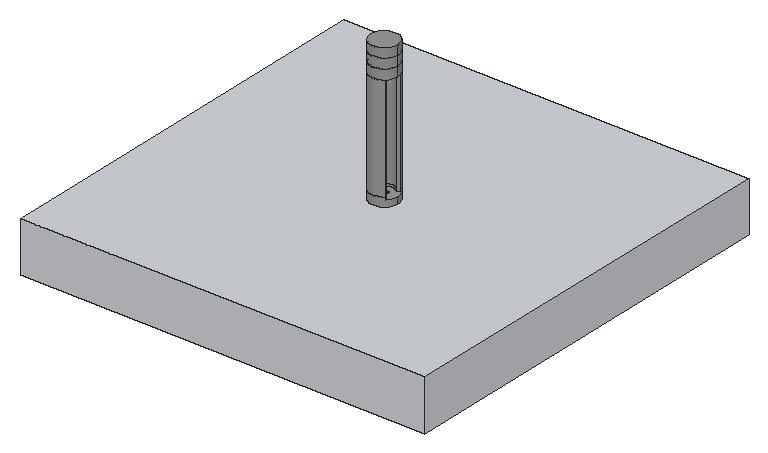
Revit family "LAMP_B-SIDE 360 850", category Luminarias, Revit 2015
Parameters (values of type "451LM 4000 BLACK")
  Ángulo de inclinación = 90.00°
  Weight = 4.384 kg
  Wattage = 10 W
  Type = "COB PHILIPS"
  built-in parameter 1150107 = 4000 (stored number, unit not read)
  built-in parameter 1150110 = 1 (stored number, unit not read)
  built-in parameter 1150109 = 1 (stored number, unit not read)
  built-in parameter 1150112 = 1 (stored number, unit not read)
  built-in parameter 1150113 = 1 (stored number, unit not read)
  built-in parameter 1114218 = 1 (stored number, unit not read)
  Protection rating = "IP65 / IK06"
  Product datasheet = "http://www.lamp.es/product-files/TECH/BS1RD8510840NA-EN.pdf"
  Product code = "BS1RD8510840NA"
  Product URL = "https://www.lamp.es/en/family/b-side_33457"
  Power Supply = "220-240V 50-60Hz"
  Power = 8 W
  Plum = 10 W
  built-in parameter 1150137 = (empty or 0)
  built-in parameter 1150132 = 2
  Modelo = Product code  # "BS1RD8510840NA"
  Material cristal = LAMP_Cristal B-Side Transparente
  Material = LAMP_Aluminio B-Side antracita
  Manufacturer name = "LAMP"
  Manufacturer country = "Spain"
  Manufacturer URL = "http://www.lamp.es/en"
  MacAdam = "3"
  Lámpara = "COB LED"
  Luminaire type = "Outdoor - Beacon"
  Last update = "21/12/2020"
  LED Lifetime = "50000 L90 B10"
  built-in parameter 1150105 = 35.889 (stored number, unit not read)
  built-in parameter 1150102 = (empty or 0)
  Insulation class = "I"
  Installation instructions = "https://www.lamp.es/product-files/INS/1004000-B-INSTR.%20B-SIDE%20LED%20360.pdf"
  built-in parameter 1150106 = 0.35889 (stored number, unit not read)
  IEE = "A++"
  Height = 850 mm
  Gear = "Electronic"
  Lumens = 451 lm
  Finish = "Textured anthracite grey"
  Color Filter = 16777215
  built-in parameter 1114217 = 1 (stored number, unit not read)
  built-in parameter 1150139 = (empty or 0)
  Fabricante = Manufacturer name  # "LAMP"
  Default Elevation = 1219.2 mm
  built-in parameter 1150104 = 4.1899 (stored number, unit not read)
  Efficacy = 45.1 lm/W
  Diameter = 160 mm
  Descripción = "B-SIDE 360º LED 850 1000 NW ANT."
  built-in parameter 1150115 = 1 (stored number, unit not read)
  built-in parameter 1150114 = 1 (stored number, unit not read)
  built-in parameter 1150138 = (empty or 0)
  built-in parameter 1150134 = 3
  Dimming Lamp Color Temperature Shift = (empty or 0)
  CRI = "80"
  Archivo de red fotométrica = "5841304_M.IES"
  built-in parameter 1150133 = 10 (stored number, unit not read)
Types (4, lengths in mm): name | Wattage | Product datasheet | Product code | Power | Plum | Modelo | Material | Lámpara | LED Lifetime | built-in parameter 1150105 | built-in parameter 1150106 | Lumens | Finish | built-in parameter 1150104 | Efficacy | Descripción | Archivo de red fotométrica
  451LM 4000 BLACK | 10 W | "http://www.lamp.es/product-files/TECH/BS1RD8510840NA-EN.pdf" | "BS1RD8510840NA" | 8 W | 10 W | "BS1RD8510840NA" | LAMP_Aluminio B-Side antracita | "COB LED" | "50000 L90 B10" | 35.889 (stored number, unit not read) | 0.35889 (stored number, unit not read) | 451 lm | "Textured anthracite grey" | 4.1899 (stored number, unit not read) | 45.1 lm/W | "B-SIDE 360º LED 850 1000 NW ANT." | "5841304_M.IES"
  451LM 4000 GREY | 10 W | "http://www.lamp.es/product-files/TECH/BS1RD8510840NG-EN.pdf" | "BS1RD8510840NG" | 8 W | 10 W | "BS1RD8510840NG" | LAMP_Aluminio B-Side gris | "COB LED\r\nHIGH POWER LED\r\nHIGH POWER LED\r\nHIGH POWER LED" | "50000 L90 B10" | 35.889 (stored number, unit not read) | 0.35889 (stored number, unit not read) | 451 lm | "Texturised grey" | 4.1899 (stored number, unit not read) | 45.1 lm/W | "B-SIDE 360º LED 850 1000 NW GR." | "5841303_M.IES"
  858LM 4000 BLACK | 18.9 W | "http://www.lamp.es/product-files/TECH/BS1RD8525840NA-EN.pdf" | "BS1RD8525840NA" | 17 W | 18.9 W | "BS1RD8525840NA" | LAMP_Aluminio B-Side antracita | "COB LED" | "50000 L70 B10" | 68.282 (stored number, unit not read) | 0.68282 (stored number, unit not read) | 858.06 lm | "Textured anthracite grey" | 4.2178 (stored number, unit not read) | 45.4 lm/W | "B-SIDE 360º LED 850 2500 NW ANT." | "5841314.IES"
  858LM 4000 GREY | 18.9 W | "http://www.lamp.es/product-files/TECH/BS1RD8525840NG-EN.pdf" | "BS1RD8525840NG" | 17 W | 18.9 W | "BS1RD8525840NG" | LAMP_Aluminio B-Side gris | "COB LED" | "50000 L70 B10" | 68.282 (stored number, unit not read) | 0.68282 (stored number, unit not read) | 858.06 lm | "Texturised grey" | 4.2178 (stored number, unit not read) | 45.4 lm/W | "B-SIDE 360º LED 850 2500 NW GR." | "5841313.IES"
Reference planes
  plane 1 "Centro (Frontal/Posterior)": y = 0
  plane 2: z = 0
  plane 3 "Centro (Izquierda/Derecha)": x = 0
Forms (mm)
  Extrusion 1, solid
    sketch origin (0, 0, 0) x (1, 0, 0) y (0, 1, 0)
      loop
        line (-1219.2, 1219.2) -> (-1219.2, -1219.2) -> (1219.2, -1219.2) -> (1219.2, 1219.2) -> (-1219.2, 1219.2)
    from 0 to -304.8
  Extrusion 2, solid, material "LAMP_Aluminio B-Side antracita" <- "Material"
    sketch origin (0, 0, 0) x (1, 0, 0) y (0, 1, 0)
      loop
        circle (0, 0) r 81.4
    from 0 to 53
  Extrusion 3, solid, material "LAMP_Aluminio B-Side antracita" <- "Material"
    sketch origin (0, 0, 0) x (1, 0, 0) y (0, 1, 0)
      loop
        arc (-56.09, 58.99) -> (-56.712, 57.566) -> (-56.126, 56.126) r 2
        line (-56.126, 56.126) -> (-42.686, 42.686)
        arc (-42.686, 42.686) -> (-41.305, 42.1) -> (-39.905, 42.64) r 2
        arc (-39.905, 42.64) -> (0, 58.4) -> (39.905, 42.64) r 58.4
        arc (39.905, 42.64) -> (41.305, 42.1) -> (42.686, 42.686) r 2
        line (42.686, 42.686) -> (56.126, 56.126)
        arc (56.126, 56.126) -> (56.712, 57.566) -> (56.09, 58.99) r 2
        arc (56.09, 58.99) -> (0, 81.4) -> (-56.09, 58.99) r 81.4
      loop
        arc (-56.09, -58.99) -> (0, -81.4) -> (56.09, -58.99) r 81.4
        arc (56.09, -58.99) -> (56.712, -57.566) -> (56.126, -56.126) r 2
        line (56.126, -56.126) -> (42.686, -42.686)
        arc (42.686, -42.686) -> (41.305, -42.1) -> (39.905, -42.64) r 2
        arc (39.905, -42.64) -> (0, -58.4) -> (-39.905, -42.64) r 58.4
        arc (-39.905, -42.64) -> (-41.305, -42.1) -> (-42.686, -42.686) r 2
        line (-42.686, -42.686) -> (-56.126, -56.126)
        arc (-56.126, -56.126) -> (-56.712, -57.566) -> (-56.09, -58.99) r 2
    from 53 to 687
  Extrusion 4, void
    sketch origin (0, 0, 0) x (1, 0, 0) y (0, 1, 0)
      loop
        arc (-56.09, -58.99) -> (-56.712, -57.566) -> (-56.126, -56.126) r 2
        line (-56.126, -56.126) -> (-42.686, -42.686)
        arc (-42.686, -42.686) -> (-41.305, -42.1) -> (-39.905, -42.64) r 2
        arc (-39.905, -42.64) -> (0, -58.4) -> (39.905, -42.64) r 58.4
        arc (39.905, -42.64) -> (41.305, -42.1) -> (42.686, -42.686) r 2
        line (42.686, -42.686) -> (56.126, -56.126)
        arc (56.126, -56.126) -> (56.712, -57.566) -> (56.09, -58.99) r 2
        arc (56.09, -58.99) -> (81.4, 0) -> (56.09, 58.99) r 81.4
        arc (56.09, 58.99) -> (56.712, 57.566) -> (56.126, 56.126) r 2
        line (56.126, 56.126) -> (42.686, 42.686)
        arc (42.686, 42.686) -> (41.305, 42.1) -> (39.905, 42.64) r 2
        arc (39.905, 42.64) -> (0, 58.4) -> (-39.905, 42.64) r 58.4
        arc (-39.905, 42.64) -> (-41.305, 42.1) -> (-42.686, 42.686) r 2
        line (-42.686, 42.686) -> (-56.126, 56.126)
        arc (-56.126, 56.126) -> (-56.712, 57.566) -> (-56.09, 58.99) r 2
        arc (-56.09, 58.99) -> (-81.4, 0) -> (-56.09, -58.99) r 81.4
    from 38 to 53
  Extrusion 5, solid, material "LAMP_Aluminio B-Side antracita" <- "Material"
    sketch origin (0, 0, 0) x (1, 0, 0) y (0, 1, 0)
      loop
        arc (-19.941, -7.347) -> (-19.723, -7.874) -> (-19.196, -8.093) r 0.745
        line (-19.196, -8.093) -> (-14.656, -8.093)
        arc (-14.656, -8.093) -> (-14.206, -7.948) -> (-13.924, -7.57) r 0.775
        line (-13.924, -7.57) -> (-9.383, 5.625) -> (-4.868, -7.498)
        arc (-4.868, -7.498) -> (-4.603, -7.853) -> (-4.18, -7.988) r 0.727
        line (-4.18, -7.988) -> (-0.911, -7.988)
        arc (-0.911, -7.988) -> (-0.395, -7.775) -> (-0.182, -7.26) r 0.729
        line (-0.182, -7.26) -> (-0.182, 5.708) -> (3.923, 1.603) -> (8.029, 5.708) -> (8.029, -7.385)
        arc (8.029, -7.385) -> (8.236, -7.885) -> (8.736, -8.093) r 0.708
        line (8.736, -8.093) -> (13.813, -8.093)
        arc (13.813, -8.093) -> (14.355, -7.868) -> (14.579, -7.327) r 0.766
        line (14.579, -7.327) -> (14.579, 5.073)
        arc (14.579, 5.073) -> (14.796, 5.597) -> (15.319, 5.813) r 0.74
        line (15.319, 5.813) -> (18.763, 5.813)
        arc (18.763, 5.813) -> (19.302, 5.59) -> (19.525, 5.051) r 0.762
        line (19.525, 5.051) -> (19.525, 2.449)
        arc (19.525, 2.449) -> (19.304, 1.913) -> (18.768, 1.691) r 0.758
        line (18.768, 1.691) -> (15.597, 1.691)
        arc (15.597, 1.691) -> (14.772, 0.867) -> (15.597, 0.043) r 0.824
        line (15.597, 0.043) -> (20.435, 0.043)
        arc (20.435, 0.043) -> (20.958, 0.259) -> (21.174, 0.782) r 0.739
        line (21.174, 0.782) -> (21.174, 6.687)
        arc (21.174, 6.687) -> (20.947, 7.235) -> (20.399, 7.462) r 0.776
        line (20.399, 7.462) -> (13.696, 7.462)
        arc (13.696, 7.462) -> (13.155, 7.238) -> (12.93, 6.696) r 0.766
        line (12.93, 6.696) -> (12.93, -5.699)
        arc (12.93, -5.699) -> (12.706, -6.241) -> (12.164, -6.465) r 0.766
        line (12.164, -6.465) -> (10.468, -6.465)
        arc (10.468, -6.465) -> (9.929, -6.242) -> (9.706, -5.703) r 0.762
        line (9.706, -5.703) -> (9.706, 5.944)
        arc (9.706, 5.944) -> (8.51, 7.607) -> (6.554, 7.001) r 1.753
        line (6.554, 7.001) -> (3.923, 4.37) -> (1.293, 7.001)
        arc (1.293, 7.001) -> (-0.664, 7.607) -> (-1.86, 5.944) r 1.753
        line (-1.86, 5.944) -> (-1.86, -5.517)
        arc (-1.86, -5.517) -> (-2.65, -6.45) -> (-3.7, -5.824) r 0.946
        line (-3.7, -5.824) -> (-7.907, 6.409)
        arc (-7.907, 6.409) -> (-9.383, 7.462) -> (-10.86, 6.409) r 1.561
        line (-10.86, 6.409) -> (-15.109, -5.946)
        arc (-15.109, -5.946) -> (-15.389, -6.322) -> (-15.836, -6.465) r 0.768
        line (-15.836, -6.465) -> (-17.56, -6.465)
        arc (-17.56, -6.465) -> (-18.078, -6.25) -> (-18.293, -5.732) r 0.733
        line (-18.293, -5.732) -> (-18.293, 6.725)
        arc (-18.293, 6.725) -> (-19.117, 7.55) -> (-19.941, 6.725) r 0.824
        line (-19.941, 6.725) -> (-19.941, -7.347)
    from 38 to 39
  Extrusion 6, solid, material "LAMP_Aluminio B-Side antracita" <- "Material"
    sketch origin (0, 0, 0) x (1, 0, 0) y (0, 1, 0)
      loop
        circle (0, 0) r 81.4
    from 805 to 860
  Extrusion 7, solid, material "LAMP_Cristal B-Side Transparente" <- "Material cristal"
    sketch origin (0, 0, 0) x (1, 0, 0) y (0, 1, 0)
      loop
        circle (0, 0) r 81.4
    from 747 to 805
  Extrusion 8, solid, material "LAMP_Aluminio B-Side antracita" <- "Material"
    sketch origin (0, 0, 0) x (1, 0, 0) y (0, 1, 0)
      loop
        circle (0, 0) r 81.4
    from 672 to 747
  Extrusion 9, void
    sketch origin (0, 0, 0) x (1, 0, 0) y (0, 1, 0)
      loop
        arc (-56.09, -58.99) -> (-56.712, -57.566) -> (-56.126, -56.126) r 2
        line (-56.126, -56.126) -> (-42.686, -42.686)
        arc (-42.686, -42.686) -> (-41.305, -42.1) -> (-39.905, -42.64) r 2
        arc (-39.905, -42.64) -> (0, -58.4) -> (39.905, -42.64) r 58.4
        arc (39.905, -42.64) -> (41.305, -42.1) -> (42.686, -42.686) r 2
        line (42.686, -42.686) -> (56.126, -56.126)
        arc (56.126, -56.126) -> (56.712, -57.566) -> (56.09, -58.99) r 2
        arc (56.09, -58.99) -> (81.4, 0) -> (56.09, 58.99) r 81.4
        arc (56.09, 58.99) -> (56.712, 57.566) -> (56.126, 56.126) r 2
        line (56.126, 56.126) -> (42.686, 42.686)
        arc (42.686, 42.686) -> (41.305, 42.1) -> (39.905, 42.64) r 2
        arc (39.905, 42.64) -> (0, 58.4) -> (-39.905, 42.64) r 58.4
        arc (-39.905, 42.64) -> (-41.305, 42.1) -> (-42.686, 42.686) r 2
        line (-42.686, 42.686) -> (-56.126, 56.126)
        arc (-56.126, 56.126) -> (-56.712, 57.566) -> (-56.09, 58.99) r 2
        arc (-56.09, 58.99) -> (-81.4, 0) -> (-56.09, -58.99) r 81.4
    from 672 to 687
  Extrusion 10, void
    sketch origin (0, 0, 0) x (1, 0, 0) y (0, 1, 0)
      loop
        circle (0, 0) r 76.4
    from 747 to 805
Cuts and joins
  Extrusion 9 cuts Extrusion 5
  Extrusion 4, Extrusion 9, Extrusion 10 cuts Extrusion 2
  Extrusion 4, Extrusion 9, Extrusion 10 cuts Extrusion 3
  Extrusion 9, Extrusion 10 cuts Extrusion 8
  joined: Extrusion 2, Extrusion 3, Extrusion 8
  Extrusion 10 cuts Extrusion 7
  Extrusion 10 cuts Extrusion 6
Text (mm)
  text "Any modification of the parameters and properties of the LAMP BIM models must be executed and validated by the LAMP technical department.\n\nPhone: +34 93 736 68 00\n\nE-mail: lamp@lamp.es\n\n\n\nLAMP reserves the right to modify the technical specifications of its products." at (19217.148, -14743.252, -9581.712), in view "Preview"
Dimensions and locks
  aligned and locked: plane 2 to Extrusion 1
  aligned and locked: level to Extrusion 1
Connectors
  electrical at (0, 0, 0)
    settings: on cut or joined group of Extrusion 2, Extrusion 3, Extrusion 4, Extrusion 8, Extrusion 9, Extrusion 10, index 1, voltage 230 V, apparent load 0 VA, apparent load phase1 0 VA, apparent load phase2 0 VA, apparent load phase3 0 VA, power factor 1, load classification "Otro", number of poles 1, system type 31, power factor state 1, is connector primary yes, connector utility no, sub classification motor no, connector description ""
